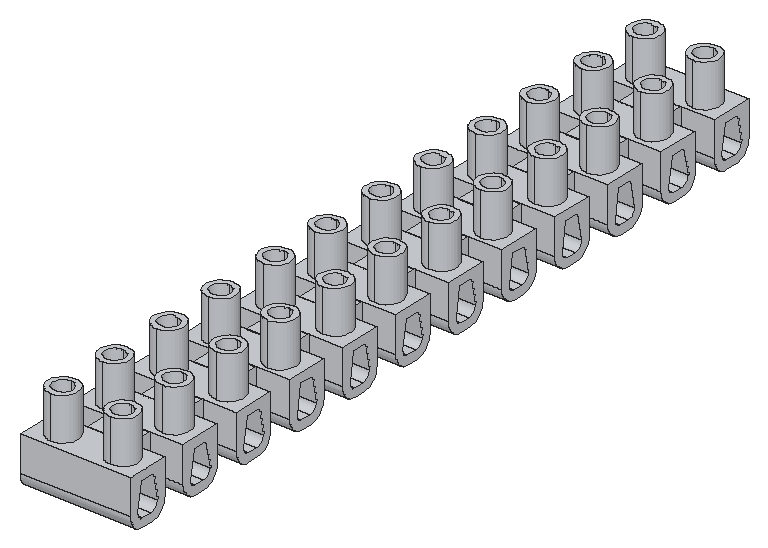
Revit family "CS5A", category Generic Models, Revit 2017
Family settings
  Can host rebar = No
  Round Connector Dimension = Use Diameter
  Part Type = Normal
  Work Plane-Based = Yes
  Always vertical = No
  Cut with Voids When Loaded = No
  Shared = No
  Room Calculation Point = No
Parameters (values of type "NBS Standard Parameters")
  Weight = "0.02Kg"
  WarrantyStartDate [instance] = "1900-12-31T23:59:59"
  WarrantyGuarantorParts = "n/a"
  WarrantyGuarantorLabor = "n/a"
  WarrantyDurationUnit = "1 year"
  WarrantyDurationParts = "n/a"
  WarrantyDurationLabor = "n/a"
  WarrantyDescription = "n/a"
  Version = "1"
  Uniclass2 = "Pr_65_72_97_27"
  TagNumber [instance] = "n/a"
  SustainabilityPerformance = "n/a"
  Size = "5 amp"
  Shape = "Rectangular"
  SerialNumber [instance] = "n/a"
  Revision = "n/a"
  ReplacementCost = "n/a"
  ProductInformation = "www.metpro.co.uk/pdf/cs5a.pdf"
  NominalWidth = 15.6 mm
  NominalLength = 109 mm
  NominalHeight = 19 mm
  Name = ""
  NBSTypeID = ""
  NBSReference = "90-60-25/485"
  NBSOfficeMasterTag = ""
  NBSNote = ""
  NBSDescription = "Electrical Connection Boxes"
  NBSCertification = ""
  ModelReference = "CS5A"
  ModelNumber = "n/a"
  Material = "Polyethylene"
  ManufacturerURL = "www.metpro.co.uk"
  ManufacturerName = "Metpro Ltd"
  Keynote = "Max Temperature 80 degree celsius"
  InstallationDate [instance] = "1900-12-31T23:59:59"
  IfcExportType = ""
  IfcExportAs = ""
  Grade = "n/a"
  Finish = "Natural"
  Features = "n/a"
  ExpectedLife = "n/a"
  DurationUnit = "year"
  Description = "CS5A -60Amp 12 way Connector Strip"
  Default Elevation = 1219.2 mm
  Constituents = "n/a"
  Color = "n/a"
  CodePerformance = "n/a"
  Category = "n/a"
  BarCode [instance] = "n/a"
  BIMObjectName = "Metpro_metprolibrary_electricalconnectionbox_connectorstrip_polyproplene"
  Author = ""
  AssetType = ""
  AssetIdentifier [instance] = "n/a"
  AccessibilityPerformance = "n/a"
Reference planes
  plane 1 "Center (Front/Back)": y = 0
  plane 2: z = 0
  plane 3 "Center (Left/Right)": x = 0
Forms (mm)
  Extrusion 1, solid
    sketch origin (-10657.102, 314.192, 2.732) x (0, 1, 0) y (0, 0, 1)
      loop
        line (162.733, 31.137) -> (162.733, 26.097)
        arc (162.733, 26.097) -> (163.395, 24.499) -> (164.993, 23.837) r 2.26
        line (164.993, 23.837) -> (166.433, 23.837)
        arc (166.433, 23.837) -> (168.059, 24.511) -> (168.733, 26.137) r 2.3
        line (168.733, 26.137) -> (168.733, 31.137) -> (162.733, 31.137)
      loop
        arc (163.933, 26.097) -> (164.243, 25.348) -> (164.993, 25.037) r 1.06
        line (164.993, 25.037) -> (166.433, 25.037)
        arc (166.433, 25.037) -> (167.211, 25.359) -> (167.533, 26.137) r 1.1
        line (167.533, 26.137) -> (166.794, 29.937) -> (164.517, 29.937) -> (163.933, 26.097)
      loop
        line (153.308, 31.137) -> (153.308, 26.097)
        arc (153.308, 26.097) -> (153.97, 24.499) -> (155.568, 23.837) r 2.26
        line (155.568, 23.837) -> (157.008, 23.837)
        arc (157.008, 23.837) -> (158.635, 24.511) -> (159.308, 26.137) r 2.3
        line (159.308, 26.137) -> (159.308, 31.137) -> (153.308, 31.137)
      loop
        arc (154.508, 26.097) -> (154.819, 25.348) -> (155.568, 25.037) r 1.06
        line (155.568, 25.037) -> (157.008, 25.037)
        arc (157.008, 25.037) -> (157.786, 25.359) -> (158.108, 26.137) r 1.1
        line (158.108, 26.137) -> (157.37, 29.937) -> (155.093, 29.937) -> (154.508, 26.097)
      loop
        line (143.859, 31.137) -> (143.859, 26.097)
        arc (143.859, 26.097) -> (144.521, 24.499) -> (146.119, 23.837) r 2.26
        line (146.119, 23.837) -> (147.559, 23.837)
        arc (147.559, 23.837) -> (149.186, 24.511) -> (149.859, 26.137) r 2.3
        line (149.859, 26.137) -> (149.859, 31.137) -> (143.859, 31.137)
      loop
        arc (145.059, 26.097) -> (145.37, 25.348) -> (146.119, 25.037) r 1.06
        line (146.119, 25.037) -> (147.559, 25.037)
        arc (147.559, 25.037) -> (148.337, 25.359) -> (148.659, 26.137) r 1.1
        line (148.659, 26.137) -> (147.921, 29.937) -> (145.644, 29.937) -> (145.059, 26.097)
      loop
        line (134.473, 31.137) -> (134.473, 26.097)
        arc (134.473, 26.097) -> (135.135, 24.499) -> (136.733, 23.837) r 2.26
        line (136.733, 23.837) -> (138.173, 23.837)
        arc (138.173, 23.837) -> (139.799, 24.511) -> (140.473, 26.137) r 2.3
        line (140.473, 26.137) -> (140.473, 31.137) -> (134.473, 31.137)
      loop
        arc (135.673, 26.097) -> (135.983, 25.348) -> (136.733, 25.037) r 1.06
        line (136.733, 25.037) -> (138.173, 25.037)
        arc (138.173, 25.037) -> (138.951, 25.359) -> (139.273, 26.137) r 1.1
        line (139.273, 26.137) -> (138.534, 29.937) -> (136.257, 29.937) -> (135.673, 26.097)
      loop
        line (125.024, 31.137) -> (125.024, 26.097)
        arc (125.024, 26.097) -> (125.686, 24.499) -> (127.284, 23.837) r 2.26
        line (127.284, 23.837) -> (128.724, 23.837)
        arc (128.724, 23.837) -> (130.35, 24.511) -> (131.024, 26.137) r 2.3
        line (131.024, 26.137) -> (131.024, 31.137) -> (125.024, 31.137)
      loop
        arc (126.224, 26.097) -> (126.534, 25.348) -> (127.284, 25.037) r 1.06
        line (127.284, 25.037) -> (128.724, 25.037)
        arc (128.724, 25.037) -> (129.502, 25.359) -> (129.824, 26.137) r 1.1
        line (129.824, 26.137) -> (129.085, 29.937) -> (126.808, 29.937) -> (126.224, 26.097)
      loop
        line (115.604, 31.137) -> (115.604, 26.097)
        arc (115.604, 26.097) -> (116.266, 24.499) -> (117.864, 23.837) r 2.26
        line (117.864, 23.837) -> (119.304, 23.837)
        arc (119.304, 23.837) -> (120.93, 24.511) -> (121.604, 26.137) r 2.3
        line (121.604, 26.137) -> (121.604, 31.137) -> (115.604, 31.137)
      loop
        arc (116.804, 26.097) -> (117.114, 25.348) -> (117.864, 25.037) r 1.06
        line (117.864, 25.037) -> (119.304, 25.037)
        arc (119.304, 25.037) -> (120.082, 25.359) -> (120.404, 26.137) r 1.1
        line (120.404, 26.137) -> (119.665, 29.937) -> (117.388, 29.937) -> (116.804, 26.097)
      loop
        line (106.183, 31.137) -> (106.183, 26.097)
        arc (106.183, 26.097) -> (106.845, 24.499) -> (108.443, 23.837) r 2.26
        line (108.443, 23.837) -> (109.883, 23.837)
        arc (109.883, 23.837) -> (111.509, 24.511) -> (112.183, 26.137) r 2.3
        line (112.183, 26.137) -> (112.183, 31.137) -> (106.183, 31.137)
      loop
        arc (107.383, 26.097) -> (107.693, 25.348) -> (108.443, 25.037) r 1.06
        line (108.443, 25.037) -> (109.883, 25.037)
        arc (109.883, 25.037) -> (110.66, 25.359) -> (110.983, 26.137) r 1.1
        line (110.983, 26.137) -> (110.244, 29.937) -> (107.967, 29.937) -> (107.383, 26.097)
      loop
        line (96.825, 31.137) -> (96.825, 26.097)
        arc (96.825, 26.097) -> (97.487, 24.499) -> (99.086, 23.837) r 2.26
        line (99.086, 23.837) -> (100.525, 23.837)
        arc (100.525, 23.837) -> (102.152, 24.511) -> (102.825, 26.137) r 2.3
        line (102.825, 26.137) -> (102.825, 31.137) -> (96.825, 31.137)
      loop
        arc (98.025, 26.097) -> (98.336, 25.348) -> (99.086, 25.037) r 1.06
        line (99.086, 25.037) -> (100.525, 25.037)
        arc (100.525, 25.037) -> (101.303, 25.359) -> (101.625, 26.137) r 1.1
        line (101.625, 26.137) -> (100.887, 29.937) -> (98.61, 29.937) -> (98.025, 26.097)
      loop
        line (87.404, 31.137) -> (87.404, 26.097)
        arc (87.404, 26.097) -> (88.066, 24.499) -> (89.664, 23.837) r 2.26
        line (89.664, 23.837) -> (91.104, 23.837)
        arc (91.104, 23.837) -> (92.73, 24.511) -> (93.404, 26.137) r 2.3
        line (93.404, 26.137) -> (93.404, 31.137) -> (87.404, 31.137)
      loop
        arc (88.604, 26.097) -> (88.915, 25.348) -> (89.664, 25.037) r 1.06
        line (89.664, 25.037) -> (91.104, 25.037)
        arc (91.104, 25.037) -> (91.882, 25.359) -> (92.204, 26.137) r 1.1
        line (92.204, 26.137) -> (91.465, 29.937) -> (89.189, 29.937) -> (88.604, 26.097)
      loop
        line (77.983, 31.137) -> (77.983, 26.097)
        arc (77.983, 26.097) -> (78.645, 24.499) -> (80.243, 23.837) r 2.26
        line (80.243, 23.837) -> (81.683, 23.837)
        arc (81.683, 23.837) -> (83.309, 24.511) -> (83.983, 26.137) r 2.3
        line (83.983, 26.137) -> (83.983, 31.137) -> (77.983, 31.137)
      loop
        arc (79.183, 26.097) -> (79.493, 25.348) -> (80.243, 25.037) r 1.06
        line (80.243, 25.037) -> (81.683, 25.037)
        arc (81.683, 25.037) -> (82.461, 25.359) -> (82.783, 26.137) r 1.1
        line (82.783, 26.137) -> (82.044, 29.937) -> (79.767, 29.937) -> (79.183, 26.097)
      loop
        line (68.561, 31.137) -> (68.561, 26.097)
        arc (68.561, 26.097) -> (69.223, 24.499) -> (70.822, 23.837) r 2.26
        line (70.822, 23.837) -> (72.261, 23.837)
        arc (72.261, 23.837) -> (73.888, 24.511) -> (74.561, 26.137) r 2.3
        line (74.561, 26.137) -> (74.561, 31.137) -> (68.561, 31.137)
      loop
        arc (69.761, 26.097) -> (70.072, 25.348) -> (70.822, 25.037) r 1.06
        line (70.822, 25.037) -> (72.261, 25.037)
        arc (72.261, 25.037) -> (73.039, 25.359) -> (73.361, 26.137) r 1.1
        line (73.361, 26.137) -> (72.623, 29.937) -> (70.346, 29.937) -> (69.761, 26.097)
      loop
        line (59.207, 31.137) -> (59.207, 26.097)
        arc (59.207, 26.097) -> (59.869, 24.499) -> (61.467, 23.837) r 2.26
        line (61.467, 23.837) -> (62.907, 23.837)
        arc (62.907, 23.837) -> (64.534, 24.511) -> (65.207, 26.137) r 2.3
        line (65.207, 26.137) -> (65.207, 31.137) -> (59.207, 31.137)
      loop
        arc (60.407, 26.097) -> (60.718, 25.348) -> (61.467, 25.037) r 1.06
        line (61.467, 25.037) -> (62.907, 25.037)
        arc (62.907, 25.037) -> (63.685, 25.359) -> (64.007, 26.137) r 1.1
        line (64.007, 26.137) -> (63.269, 29.937) -> (60.992, 29.937) -> (60.407, 26.097)
    from -7.827 to 7.8
  Extrusion 2, solid
    sketch origin (-10657.102, 314.192, 2.732) x (0, 1, 0) y (0, 0, 1)
      loop
        arc (65.207, 26.137) -> (64.534, 24.511) -> (62.907, 23.837) r 2.3
        line (62.907, 23.837) -> (70.822, 23.837)
        arc (70.822, 23.837) -> (69.223, 24.499) -> (68.561, 26.097) r 2.26
        line (68.561, 26.097) -> (68.561, 31.137) -> (65.207, 31.137) -> (65.207, 26.137)
      loop
        arc (74.561, 26.137) -> (73.888, 24.511) -> (72.261, 23.837) r 2.3
        line (72.261, 23.837) -> (80.243, 23.837)
        arc (80.243, 23.837) -> (78.645, 24.499) -> (77.983, 26.097) r 2.26
        line (77.983, 26.097) -> (77.983, 31.137) -> (74.561, 31.137) -> (74.561, 26.137)
      loop
        arc (83.983, 26.137) -> (83.309, 24.511) -> (81.683, 23.837) r 2.3
        line (81.683, 23.837) -> (89.664, 23.837)
        arc (89.664, 23.837) -> (88.066, 24.499) -> (87.404, 26.097) r 2.26
        line (87.404, 26.097) -> (87.404, 31.137) -> (83.983, 31.137) -> (83.983, 26.137)
      loop
        line (91.104, 23.837) -> (99.086, 23.837)
        arc (99.086, 23.837) -> (97.487, 24.499) -> (96.825, 26.097) r 2.26
        line (96.825, 26.097) -> (96.825, 31.137) -> (93.404, 31.137) -> (93.404, 26.137)
        arc (93.404, 26.137) -> (92.73, 24.511) -> (91.104, 23.837) r 2.3
      loop
        line (100.525, 23.837) -> (108.443, 23.837)
        arc (108.443, 23.837) -> (106.845, 24.499) -> (106.183, 26.097) r 2.26
        line (106.183, 26.097) -> (106.183, 31.137) -> (102.825, 31.137) -> (102.825, 26.137)
        arc (102.825, 26.137) -> (102.152, 24.511) -> (100.525, 23.837) r 2.3
      loop
        line (109.883, 23.837) -> (117.864, 23.837)
        arc (117.864, 23.837) -> (116.266, 24.499) -> (115.604, 26.097) r 2.26
        line (115.604, 26.097) -> (115.604, 31.137) -> (112.183, 31.137) -> (112.183, 26.137)
        arc (112.183, 26.137) -> (111.509, 24.511) -> (109.883, 23.837) r 2.3
      loop
        line (119.304, 23.837) -> (127.284, 23.837)
        arc (127.284, 23.837) -> (125.686, 24.499) -> (125.024, 26.097) r 2.26
        line (125.024, 26.097) -> (125.024, 31.137) -> (121.604, 31.137) -> (121.604, 26.137)
        arc (121.604, 26.137) -> (120.93, 24.511) -> (119.304, 23.837) r 2.3
      loop
        line (128.724, 23.837) -> (136.733, 23.837)
        arc (136.733, 23.837) -> (135.135, 24.499) -> (134.473, 26.097) r 2.26
        line (134.473, 26.097) -> (134.473, 31.137) -> (131.024, 31.137) -> (131.024, 26.137)
        arc (131.024, 26.137) -> (130.35, 24.511) -> (128.724, 23.837) r 2.3
      loop
        line (138.173, 23.837) -> (146.119, 23.837)
        arc (146.119, 23.837) -> (144.521, 24.499) -> (143.859, 26.097) r 2.26
        line (143.859, 26.097) -> (143.859, 31.137) -> (140.473, 31.137) -> (140.473, 26.137)
        arc (140.473, 26.137) -> (139.799, 24.511) -> (138.173, 23.837) r 2.3
      loop
        arc (149.859, 26.137) -> (149.186, 24.511) -> (147.559, 23.837) r 2.3
        line (147.559, 23.837) -> (155.568, 23.837)
        arc (155.568, 23.837) -> (153.97, 24.499) -> (153.308, 26.097) r 2.26
        line (153.308, 26.097) -> (153.308, 31.137) -> (149.859, 31.137) -> (149.859, 26.137)
      loop
        arc (159.308, 26.137) -> (158.635, 24.511) -> (157.008, 23.837) r 2.3
        line (157.008, 23.837) -> (164.993, 23.837)
        arc (164.993, 23.837) -> (163.395, 24.499) -> (162.733, 26.097) r 2.26
        line (162.733, 26.097) -> (162.733, 31.137) -> (159.308, 31.137) -> (159.308, 26.137)
    from -3.043 to 2.998
  Extrusion 3, solid
    sketch origin (-10657.102, 422.038, 33.869) x (0, -1, 0) y (1, 0, 0)
      loop
        circle (45.553, -4.245) r 2.149
      loop
        circle (45.553, -4.245) r 1.414
      loop
        circle (45.553, 4.219) r 2.149
      loop
        circle (45.553, 4.219) r 1.414
      loop
        circle (36.37, -4.245) r 2.149
      loop
        circle (36.37, -4.245) r 1.414
      loop
        circle (36.37, 4.219) r 2.149
      loop
        circle (36.37, 4.219) r 1.414
      loop
        circle (17.595, -4.245) r 2.149
      loop
        circle (17.595, -4.245) r 1.414
      loop
        circle (17.595, 4.219) r 2.149
      loop
        circle (17.595, 4.219) r 1.414
      loop
        circle (26.778, -4.245) r 2.149
      loop
        circle (26.778, -4.245) r 1.414
      loop
        circle (26.778, 4.219) r 2.149
      loop
        circle (26.778, 4.219) r 1.414
      loop
        circle (-20.091, -4.245) r 2.149
      loop
        circle (-20.091, -4.245) r 1.414
      loop
        circle (-20.091, 4.219) r 2.149
      loop
        circle (-20.091, 4.219) r 1.414
      loop
        circle (-10.908, -4.245) r 2.149
      loop
        circle (-10.908, -4.245) r 1.414
      loop
        circle (-10.908, 4.219) r 2.149
      loop
        circle (-10.908, 4.219) r 1.414
      loop
        circle (7.868, -4.245) r 2.149
      loop
        circle (7.868, -4.245) r 1.414
      loop
        circle (7.868, 4.219) r 2.149
      loop
        circle (7.868, 4.219) r 1.414
      loop
        circle (-1.315, -4.245) r 2.149
      loop
        circle (-1.315, -4.245) r 1.414
      loop
        circle (-1.315, 4.219) r 2.149
      loop
        circle (-1.315, 4.219) r 1.414
      loop
        circle (-29.714, -4.245) r 2.149
      loop
        circle (-29.714, -4.245) r 1.414
      loop
        circle (-29.714, 4.219) r 2.149
      loop
        circle (-29.714, 4.219) r 1.414
      loop
        circle (-38.897, -4.245) r 2.149
      loop
        circle (-38.897, -4.245) r 1.414
      loop
        circle (-38.897, 4.219) r 2.149
      loop
        circle (-38.897, 4.219) r 1.414
      loop
        circle (-57.673, -4.245) r 2.149
      loop
        circle (-57.673, -4.245) r 1.414
      loop
        circle (-57.673, 4.219) r 2.149
      loop
        circle (-57.673, 4.219) r 1.414
      loop
        circle (-48.49, -4.245) r 2.149
      loop
        circle (-48.49, -4.245) r 1.414
      loop
        circle (-48.49, 4.219) r 2.149
      loop
        circle (-48.49, 4.219) r 1.414
    from 0 to 6
Dimensions and locks
  aligned and locked: level to plane 2
